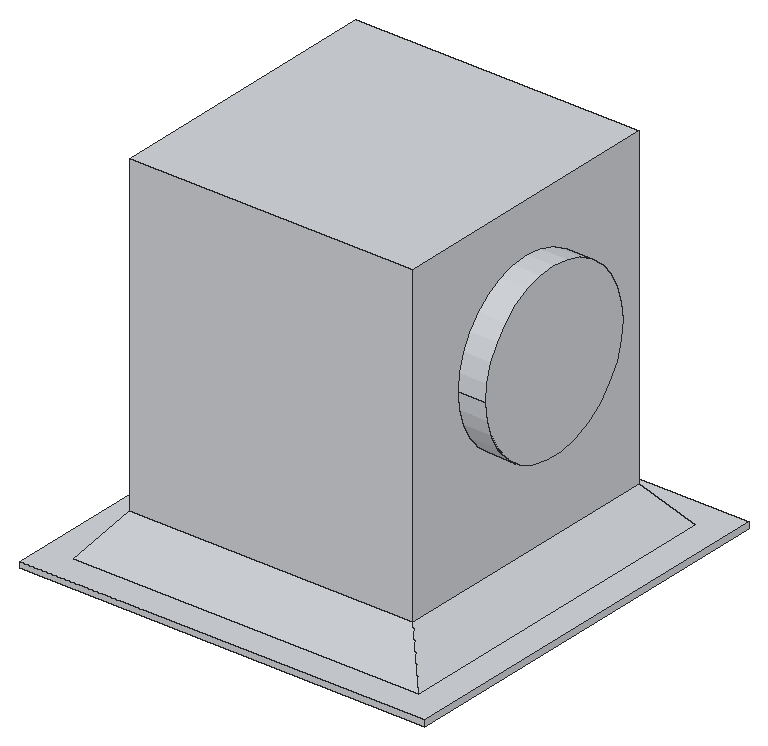
Revit family "Difusor de suprimento e retorno com Plenum combinado e Abafadores - Quadrado", category Terminais de ar, Revit 2019
Family settings
  Cota do conector redondo = Usar raio
  Tipo de parte = Normal
  ID de item do Seek = Supply Diffuser - Rectangular Face Round Neck-0000-CAN-ENU
  Com base no plano de trabalho = Não
  Sempre na vertical = Sim
  Corte com vazios quando carregada = Não
  Compartilhado = Não
  Ponto de cálculo do ambiente = Não
Parameters (values of type "Padrão")
  Altura total = 318 mm
  Comprimento do macho de torneira = 25 mm
  Altura de conexão da torneira = 200 mm
  Queda de pressão [instance] = 0.0 Pa
  Largura da lâmina 4 = Largura da grelha * 4 / 5  # 284.8 mm
  Largura da lâmina 3 = Largura da grelha * 3 / 5  # 213.6 mm
  Largura da lâmina 2 = Largura da grelha * 2 / 5  # 142.4 mm
  Largura da lâmina 1 = Largura da grelha * 1 / 5  # 71.2 mm
  Largura da grelha = 356 mm
  Material do difusor = none
  Altura do difusor = 40 mm
  Largura do difusor = Largura do plenum + 55 mm  # 304 mm
  UpFlowArrow [instance] = yes
  Largura do plenum = 249 mm
  RightFlowArrow [instance] = yes
  LeftFlowArrow [instance] = yes
  Fluxo [instance] = 0.0 L/s
  Raio do duto = 75 mm
  Diâmetro do duto = Raio do duto * 2  # 150 mm
  DownFlowArrow [instance] = yes
  Assembly Code = ""
Reference planes
  plane 1 "Centro (frente/trás)": y = 0
  plane 2: z = 0
  plane 3 "Centro (direita/esquerda)": x = 0
  plane 4: x = 457.2
  plane 5: y = 457.2
  plane 6: x = -457.2
  plane 7: y = -457.2
  plane 8 "Face da grelha": z = -5
  plane 9 "Inferior": z = 0
  plane 10 "Topo do difusor": z = 35
  plane 11 "Esquerda da grelha": x = -178
  plane 12 "Direita da grelha": x = 178
  plane 13 "Traseira da grelha": y = 178
  plane 14 "Frente da grelha": y = -178
  plane 15 "Esquerda": x = -152
  plane 16 "Direita": x = 152
  plane 17 "Parte posterior": y = 152
  plane 18 "Parte frontal": y = -152
  plane 19 "Frente superior do difusor": y = -124.5
  plane 20 "Traseira superior do difusor": y = 124.5
  plane 21 "Direita superior do difusor": x = 124.5
  plane 22 "Esquerda superior do difusor": x = -124.5
  plane 23 "Direita da lâmina 4": x = 142.4
  plane 24 "Frente da lâmina 4": y = -142.4
  plane 25 "Traseira da lâmina 4": y = 142.4
  plane 26 "Esquerda da lâmina 4": x = -142.4
  plane 27 "Traseira da lâmina 3": y = 106.8
  plane 28 "Frente da lâmina 3": y = -106.8
  plane 29 "Esquerda da lâmina 3": x = -106.8
  plane 30 "Direita da lâmina 3": x = 106.8
  plane 31 "Traseira da lâmina 2": y = 71.2
  plane 32 "Frente da lâmina 2": y = -71.2
  plane 33 "Direita da lâmina 2": x = 71.2
  plane 34 "Esquerda da lâmina 2": x = -71.2
  plane 35 "Esquerda da lâmina 1": x = -35.6
  plane 36 "Direita da lâmina 1": x = 35.6
  plane 37 "Traseira a lâmina 1": y = 35.6
  plane 38 "Frente da lâmina 1": y = -35.6
  plane 39 "Superior": z = 313
  plane 40 "Altura da torneira d": z = 195
  plane 41 "Torneira direita": x = 149.5
  plane 42 "Torneira esquerda": x = -149.5
Forms (mm)
  Blend 1, solid, material <- "Material do difusor"
    base sketch origin (0, 0, 0) x (1, 0, 0) y (0, 1, 0)
      loop
        line (-152, 152) -> (-152, -152) -> (152, -152) -> (152, 152) -> (-152, 152)
    top sketch origin (0, 0, 0) x (1, 0, 0) y (0, 1, 0)
      loop
        line (-124.5, 124.5) -> (-124.5, -124.5) -> (124.5, -124.5) -> (124.5, 124.5) -> (-124.5, 124.5)
    from 0 to 35
  Extrusion 2, solid, material <- "Material do difusor"
    sketch origin (0, 0, 0) x (1, 0, 0) y (0, 1, 0)
      loop
        line (-178, 178) -> (-178, -178) -> (178, -178) -> (178, 178) -> (-178, 178)
    from 0 to -5
  Extrusion 3, solid, material <- "Material do difusor"
    sketch origin (0, 0, 35) x (-1, 0, 0) y (0, -1, 0)
      loop
        line (124.5, -124.5) -> (124.5, 124.5) -> (-124.5, 124.5) -> (-124.5, -124.5) -> (124.5, -124.5)
    from 0 to 278
  Extrusion 4, solid, material <- "Material do difusor"
    sketch origin (124.5, 0, 0) x (0, 1, 0) y (0, 0, -1)
      loop
        circle (0, -195) r 75
    from 0 to -25
  Extrusion 5, solid, material <- "Material do difusor"
    sketch origin (-124.5, 0, 0) x (0, 1, 0) y (0, 0, 1)
      loop
        circle (0, 195) r 75
    from 0 to -25
Lines and regions (mm)
  symbolic lines
    curve 1: line (-152, 152, 0) -> (152, 152, 0)
    curve 2: line (152, 152, 0) -> (152, -152, 0)
    curve 3: line (152, -152, 0) -> (-152, -152, 0)
    curve 4: line (-152, -152, 0) -> (-152, 152, 0)
    curve 5: line (-152, 152, 0) -> (152, -152, 0)
    curve 6: line (-152, -152, 0) -> (152, 152, 0)
  model lines
    curve 7: line (-35.6, 35.6, -5) -> (35.6, 35.6, -5)
    curve 8: line (-35.6, -35.6, -5) -> (-35.6, 35.6, -5)
    curve 9: line (35.6, -35.6, -5) -> (-35.6, -35.6, -5)
    curve 10: line (35.6, 35.6, -5) -> (35.6, -35.6, -5)
    curve 11: line (-71.2, 71.2, -5) -> (71.2, 71.2, -5)
    curve 12: line (-71.2, -71.2, -5) -> (-71.2, 71.2, -5)
    curve 13: line (71.2, -71.2, -5) -> (-71.2, -71.2, -5)
    curve 14: line (71.2, 71.2, -5) -> (71.2, -71.2, -5)
    curve 15: line (-106.8, 106.8, -5) -> (106.8, 106.8, -5)
    curve 16: line (-106.8, -106.8, -5) -> (-106.8, 106.8, -5)
    curve 17: line (106.8, -106.8, -5) -> (-106.8, -106.8, -5)
    curve 18: line (106.8, 106.8, -5) -> (106.8, -106.8, -5)
    curve 19: line (-142.4, 142.4, -5) -> (142.4, 142.4, -5)
    curve 20: line (-142.4, -142.4, -5) -> (-142.4, 142.4, -5)
    curve 21: line (142.4, -142.4, -5) -> (-142.4, -142.4, -5)
    curve 22: line (142.4, 142.4, -5) -> (142.4, -142.4, -5)
Dimensions and locks
  "Largura do difusor": nested 3 to plane 3 "Centro (direita/esquerda)"
  "Largura do difusor": nested 2 to plane 1 "Centro (frente/trás)"
  "Largura do difusor": plane 3 "Centro (direita/esquerda)" to nested 1
  "Largura do difusor": nested 4 to plane 1 "Centro (frente/trás)"
  locked: plane 9 "Inferior" to plane 8 "Face da grelha" at 5
  "Altura do difusor": plane 10 "Topo do difusor" to plane 8 "Face da grelha"
  equal spacing: plane 11 "Esquerda da grelha", plane 3 "Centro (direita/esquerda)", plane 12 "Direita da grelha"
  "Largura da grelha": plane 11 "Esquerda da grelha" to plane 12 "Direita da grelha"
  equal spacing: plane 13 "Traseira da grelha", plane 1 "Centro (frente/trás)", plane 14 "Frente da grelha"
  "Largura da grelha": plane 13 "Traseira da grelha" to plane 14 "Frente da grelha"
  equal spacing: plane 18 "Parte frontal", plane 1 "Centro (frente/trás)", plane 17 "Parte posterior"
  "Largura do difusor": plane 17 "Parte posterior" to plane 18 "Parte frontal"
  equal spacing: plane 15 "Esquerda", plane 3 "Centro (direita/esquerda)", plane 16 "Direita"
  "Largura do difusor": plane 15 "Esquerda" to plane 16 "Direita"
  equal spacing: plane 20 "Traseira superior do difusor", plane 1 "Centro (frente/trás)", plane 19 "Frente superior do difusor"
  "Largura do plenum": plane 20 "Traseira superior do difusor" to plane 19 "Frente superior do difusor"
  "Largura do plenum": plane 22 "Esquerda superior do difusor" to plane 21 "Direita superior do difusor"
  equal spacing: plane 22 "Esquerda superior do difusor", plane 3 "Centro (direita/esquerda)", plane 21 "Direita superior do difusor"
  equal spacing: plane 26 "Esquerda da lâmina 4", plane 3 "Centro (direita/esquerda)", plane 23 "Direita da lâmina 4"
  "Largura da lâmina 4": plane 26 "Esquerda da lâmina 4" to plane 23 "Direita da lâmina 4"
  equal spacing: plane 24 "Frente da lâmina 4", plane 1 "Centro (frente/trás)", plane 25 "Traseira da lâmina 4"
  "Largura da lâmina 4": plane 24 "Frente da lâmina 4" to plane 25 "Traseira da lâmina 4"
  equal spacing: plane 29 "Esquerda da lâmina 3", plane 3 "Centro (direita/esquerda)", plane 30 "Direita da lâmina 3"
  "Largura da lâmina 3": plane 29 "Esquerda da lâmina 3" to plane 30 "Direita da lâmina 3"
  equal spacing: plane 28 "Frente da lâmina 3", plane 1 "Centro (frente/trás)", plane 27 "Traseira da lâmina 3"
  "Largura da lâmina 3": plane 28 "Frente da lâmina 3" to plane 27 "Traseira da lâmina 3"
  equal spacing: plane 31 "Traseira da lâmina 2", plane 1 "Centro (frente/trás)", plane 32 "Frente da lâmina 2"
  "Largura da lâmina 2": plane 32 "Frente da lâmina 2" to plane 31 "Traseira da lâmina 2"
  equal spacing: plane 34 "Esquerda da lâmina 2", plane 3 "Centro (direita/esquerda)", plane 33 "Direita da lâmina 2"
  "Largura da lâmina 2": plane 34 "Esquerda da lâmina 2" to plane 33 "Direita da lâmina 2"
  equal spacing: plane 37 "Traseira a lâmina 1", plane 1 "Centro (frente/trás)", plane 38 "Frente da lâmina 1"
  "Largura da lâmina 1": plane 38 "Frente da lâmina 1" to plane 37 "Traseira a lâmina 1"
  equal spacing: plane 35 "Esquerda da lâmina 1", plane 3 "Centro (direita/esquerda)", plane 36 "Direita da lâmina 1"
  "Largura da lâmina 1": plane 35 "Esquerda da lâmina 1" to plane 36 "Direita da lâmina 1"
  "Altura total": plane 39 "Superior" to plane 8 "Face da grelha"
  "Altura de conexão da torneira": plane 40 "Altura da torneira d" to plane 8 "Face da grelha"
  "Comprimento do macho de torneira": plane 21 "Direita superior do difusor" to plane 41 "Torneira direita"
  "Comprimento do macho de torneira": plane 22 "Esquerda superior do difusor" to plane 42 "Torneira esquerda"
  "Raio do duto": radius of Extrusion 4 sketch curve
  "Raio do duto": radius of Extrusion 5 sketch curve
  aligned and locked: curve 1 to Blend 1
  aligned and locked: curve 2 to Blend 1
  aligned and locked: curve 3 to Blend 1
  aligned and locked: curve 4 to Blend 1
  aligned and locked: plane 3 "Centro (direita/esquerda)" to nested 2
  aligned and locked: plane 1 "Centro (frente/trás)" to nested 1
  aligned and locked: nested 4 to plane 3 "Centro (direita/esquerda)"
  aligned and locked: nested 3 to plane 1 "Centro (frente/trás)"
  aligned and locked: plane 2 to plane 9 "Inferior"
  aligned and locked: plane 10 "Topo do difusor" to Blend 1
  aligned and locked: Extrusion 2 to plane 9 "Inferior"
  aligned and locked: Extrusion 2 to plane 8 "Face da grelha"
  aligned and locked: Extrusion 2 sketch curve to plane 13 "Traseira da grelha"
  aligned and locked: plane 11 "Esquerda da grelha" to Extrusion 2 sketch curve
  aligned and locked: plane 14 "Frente da grelha" to Extrusion 2 sketch curve
  aligned and locked: Extrusion 2 sketch curve to plane 12 "Direita da grelha"
  aligned and locked: Blend 1 sketch curve to plane 17 "Parte posterior"
  aligned and locked: plane 15 "Esquerda" to Blend 1 sketch curve
  aligned and locked: Blend 1 sketch curve to plane 18 "Parte frontal"
  aligned and locked: plane 16 "Direita" to Blend 1 sketch curve
  aligned and locked: Blend 1 sketch curve to plane 19 "Frente superior do difusor"
  aligned and locked: plane 22 "Esquerda superior do difusor" to Blend 1 sketch curve
  aligned and locked: Blend 1 sketch curve to plane 20 "Traseira superior do difusor"
  aligned and locked: plane 21 "Direita superior do difusor" to Blend 1 sketch curve
  aligned and locked: curve 20 to plane 26 "Esquerda da lâmina 4"
  aligned and locked: plane 25 "Traseira da lâmina 4" to curve 19
  aligned and locked: curve 22 to plane 23 "Direita da lâmina 4"
  aligned and locked: plane 24 "Frente da lâmina 4" to curve 21
  aligned and locked: curve 16 to plane 29 "Esquerda da lâmina 3"
  aligned and locked: plane 28 "Frente da lâmina 3" to curve 17
  aligned and locked: curve 18 to plane 30 "Direita da lâmina 3"
  aligned and locked: plane 27 "Traseira da lâmina 3" to curve 15
  aligned and locked: plane 32 "Frente da lâmina 2" to curve 13
  aligned and locked: curve 14 to plane 33 "Direita da lâmina 2"
  aligned and locked: plane 31 "Traseira da lâmina 2" to curve 11
  aligned and locked: curve 12 to plane 34 "Esquerda da lâmina 2"
  aligned and locked: curve 8 to plane 35 "Esquerda da lâmina 1"
  aligned and locked: plane 37 "Traseira a lâmina 1" to curve 7
  aligned and locked: curve 10 to plane 36 "Direita da lâmina 1"
  aligned and locked: plane 38 "Frente da lâmina 1" to curve 9
  aligned and locked: Extrusion 3 sketch curve to plane 20 "Traseira superior do difusor"
  aligned and locked: plane 22 "Esquerda superior do difusor" to Extrusion 3 sketch curve
  aligned and locked: plane 21 "Direita superior do difusor" to Extrusion 3 sketch curve
  aligned and locked: Extrusion 3 sketch curve to plane 19 "Frente superior do difusor"
  aligned and locked: Extrusion 3 to plane 10 "Topo do difusor"
  aligned and locked: plane 39 "Superior" to Extrusion 3
  aligned and locked: plane 40 "Altura da torneira d" to Extrusion 4 sketch curve
  aligned and locked: plane 1 "Centro (frente/trás)" to Extrusion 4 sketch curve
  aligned and locked: plane 21 "Direita superior do difusor" to Extrusion 4
  aligned and locked: plane 41 "Torneira direita" to Extrusion 4
  aligned and locked: Extrusion 5 to plane 42 "Torneira esquerda"
  aligned and locked: plane 22 "Esquerda superior do difusor" to Extrusion 5
Automatic sketch dimensions
  Extrusion 5 sketch curve to plane 1 "Centro (frente/trás)" = 0 mm
  Extrusion 5 sketch curve to plane 40 "Altura da torneira d" = 0 mm
Nested families
  nested 1: "Seta do terminal do duto" at (304, 0, 0), visible <- "RightFlowArrow", type "Seta do terminal do duto"
  nested 2: "Seta do terminal do duto" at (0, 304, 0) x (0, -1, 0) z (0, 0, 1), visible <- "UpFlowArrow", type "Seta do terminal de duto 2"
  nested 3: "Seta do terminal do duto" at (-304, 0, 0) x (-1, 0, 0) z (0, 0, 1), visible <- "LeftFlowArrow", type "Seta do terminal do duto"
  nested 4: "Seta do terminal do duto" at (0, -304, 0) x (0, 1, 0) z (0, 0, 1), visible <- "DownFlowArrow", type "Seta do terminal de duto 2"
Connectors
  hvac at (149.5, 0, 195), driven by "Queda de pressão", driven by "Fluxo", driven by "Raio do duto"
    settings: on Extrusion 4, index 1, duct flow 0.0 L/s, flow factor 0, pres drop 0.0 Pa, loss coef 0, conn angle 0.00°, conn width 304.8 mm, conn height 304.8 mm, conn diameter 150 mm, duct sys type 1, conn prof type 0, flow config 1, flow direction 1, loss method 4, conn ref index -1, conn util no, is conn primary yes, conn desc "Entrada de ar"
  hvac at (-149.5, 0, 195), driven by "Queda de pressão", driven by "Fluxo", driven by "Raio do duto"
    settings: on Extrusion 5, index 2, duct flow 0.0 L/s, flow factor 0, pres drop 0.0 Pa, loss coef 0, conn angle 0.00°, conn width 304.8 mm, conn height 304.8 mm, conn diameter 150 mm, duct sys type 2, conn prof type 0, flow config 1, flow direction 2, loss method 4, conn ref index -1, conn util no, is conn primary no, conn desc "Saída de ar"
Definition of nested family "Seta do terminal do duto"
  Parameters
    Largura = 600 mm
    Visibilidade 1 = yes
    Visibilidade 2 = no
    Comprimento 4 = (Meio comprimento 1 - Comprimento 5 * sin(20.00°) * 4) / 2  # 70.515 mm
    Comprimento 5 = Comprimento 2 * tan(20.00°)  # 116.199 mm
    Comprimento 3 = Comprimento 2 * 0.5  # 159.627 mm
    Comprimento 2 = Meio comprimento 1 / cos(20.00°)  # 319.253 mm
    Comprimento 1 = if(Altura > Largura, Altura, Largura)  # 600 mm
    Altura = 600 mm
    Meio comprimento 1 = Comprimento 1 * 0.5  # 300 mm
    Assembly Code = ""
  Reference planes
    plane 1 "Centro (Frente/Trás)": y = 0
    plane 2: z = 0
    plane 3 "Centro (Esquerda/Direita)": x = 0
  Lines and regions (mm)
    Filled region 1, type "Tijolo", in view "Nível de referência", visible <- "Visibilidade 1"
      outline origin (0, 0, 0) x (1, 0, 0) y (0, 1, 0)
        loop
          line (600, 0) -> (300, 109.191) -> (300, -109.191) -> (600, 0)
    Filled region 2, type "Preenchimento sólido - Preto", in view "Nível de referência", visible <- "Visibilidade 2"
      outline origin (0, 0, 0) x (1, 0, 0) y (0, 1, 0)
        loop
          line (-300, 109.191) -> (-300, -109.191) -> (0, 0) -> (-300, 109.191)
    detail lines, in view "Nível de referência", visible <- "Visibilidade 1"
      curve 1: line (0, 0, 0) -> (600, 0, 0)
      curve 2: line (600, 0, 0) -> (300, 109.191, 0)
      curve 3: line (600, 0, 0) -> (300, -109.191, 0)
      curve 4: line (300, 109.191, 0) -> (300, -109.191, 0)
    detail lines, in view "Nível de referência", visible <- "Visibilidade 2"
      curve 5: line (-300, 0, 0) -> (0, 0, 0)
      curve 6: line (0, 0, 0) -> (-300, 109.191, 0)
      curve 7: line (0, 0, 0) -> (-300, -109.191, 0)
      curve 8: line (-300, 109.191, 0) -> (-300, -109.191, 0)
      curve 9: line (-300, 0, 0) -> (-370.515, 0, 0)
      curve 10: line (-370.515, 0, 0) -> (-410.258, 109.191, 0)
      curve 11: line (-450, 0, 0) -> (-410.258, 109.191, 0)
      curve 12: line (-450, 0, 0) -> (-489.742, -109.191, 0)
      curve 13: line (-529.485, 0, 0) -> (-489.742, -109.191, 0)
      curve 14: line (-529.485, 0, 0) -> (-600, 0, 0)
  Dimensions and locks
    "Comprimento 1": curve 1 to curve 1
    "Comprimento 2": curve 2 to curve 2
    "Comprimento 2": curve 3 to curve 3
    "Meio comprimento 1": curve 5 to curve 5
    "Comprimento 2": curve 6 to curve 6
    "Comprimento 2": curve 7 to curve 7
    "Comprimento 4": curve 9 to curve 9
    "Comprimento 5": curve 10 to curve 10
    "Comprimento 5": curve 11 to curve 11
    "Comprimento 5": curve 12 to curve 12
    "Comprimento 5": curve 13 to curve 13
    "Comprimento 4": curve 14 to curve 14
    locked: curve 2 to curve 1 (angle 20.00°)
    locked: curve 6 to curve 5 (angle 20.00°)
    locked: curve 9 to curve 10 (angle 110.00°)
    locked: curve 11 to curve 12 (angle 180.00°)
    aligned and locked: plane 1 "Centro (Frente/Trás)" to curve 1
    aligned and locked: Filled region 1 sketch curve to curve 2
    aligned and locked: Filled region 1 sketch curve to curve 3
    aligned and locked: Filled region 1 sketch curve to curve 4
    aligned and locked: plane 1 "Centro (Frente/Trás)" to curve 5
    aligned and locked: plane 3 "Centro (Esquerda/Direita)" to curve 5
    aligned and locked: Filled region 2 sketch curve to curve 8
    aligned and locked: Filled region 2 sketch curve to curve 6
    aligned and locked: Filled region 2 sketch curve to curve 7
    aligned and locked: curve 14 to plane 1 "Centro (Frente/Trás)"
  Automatic sketch dimensions
    plane 1 "Centro (Frente/Trás)" to curve 12 = 0 mm
Types in the file's own list only (6): name | Altura total | Altura de conexão da torneira | Largura da lâmina 4 | Largura da lâmina 3 | Largura da lâmina 2 | Largura da lâmina 1 | Largura da grelha | Largura do difusor | Largura do plenum | Raio do duto | Diâmetro do duto
  356 x 356 | 318 mm | 231 mm | 285 mm | 214 mm | 142 mm | 71 mm | 356 mm | 359 mm | 304 mm | 63 mm | 125 mm
  412 x 412 | 428 mm | 328 mm | 330 mm | 247 mm | 165 mm | 82 mm | 412 mm | 415 mm | 360 mm | 75 mm | 150 mm
  468 x 468 | 428 mm | 303 mm | 374 mm | 281 mm | 187 mm | 94 mm | 468 mm | 471 mm | 416 mm | 100 mm | 200 mm
  498 x 498 | 450 mm | 325 mm | 398 mm | 299 mm | 199 mm | 100 mm | 498 mm | 501 mm | 446 mm | 100 mm | 200 mm
  598 x 598 | 550 mm | 375 mm | 478 mm | 359 mm | 239 mm | 120 mm | 598 mm | 601 mm | 546 mm | 150 mm | 300 mm
  623 x 623 | 550 mm | 375 mm | 498 mm | 374 mm | 249 mm | 125 mm | 623 mm | 626 mm | 571 mm | 150 mm | 300 mm
